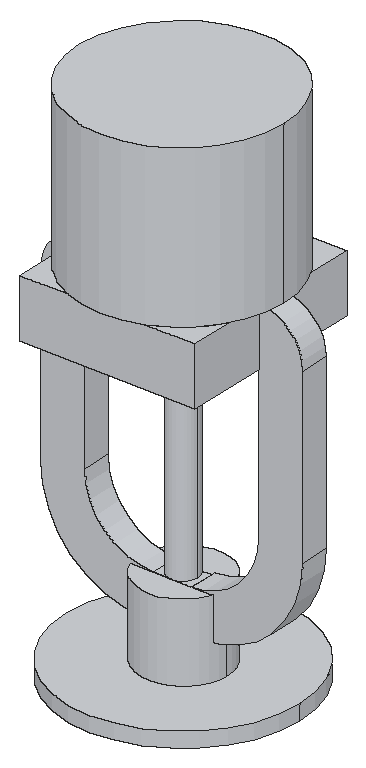
Revit family
Parameters (values of type "RASCO F1FR56 PENDENT")
  Temperature Rating = 135 °F
  Response = 1
  RASCO SIN # = "RA1414"
  RASCO Part # = "F1FR56P0B"
  Pressure Rating = "175 PSI"
  Pressure Class = (empty or 0)
  Orifice Size = 1/2"
  Orifice = (empty or 0)
  Model = "F1FR56"
  Manufacturer = "RASCO"
  K-Factor = 5.6
  Description = "BRZ. FINISH"
  Coverage = (empty or 0)
Reference planes (in)
  plane 1 "Center (Front/Back)": y = 0
  plane 2: z = 0
  plane 3 "Center (Left/Right)": x = 0
Dimensions and locks (in)
  aligned and locked: plane 2 to level
Nested families (in)
  nested 1: "F1FR56P0B" at (-0.0113, 0, 2.4375) x (-1, 0, 0) z (0, 0, -1), type "RASCO F1FR56 PENDENT"
Connectors (in)
  piping at (-0.0113, 0, 2.4375)
    settings: on nested 1, index 1, connector radius 115/256", flow factor 0, pipe flow 0 GPM, pressure drop 0.00 psi, fitting loss kfactor 0, connector angle 0.00°, fixture units 0, flow configuration 0, flow direction 0, fitting loss method 0, system type 7, connector reference index -1, connector utility 0, adjustable connector no, is connector primary yes, fitting loss table "", connector description ""
Definition of nested family "F1FR56P0B"
  Parameters (values of type "RASCO F1FR56 PENDENT")
    Type Comments = ""
    Temperature Rating = 0 °F
    Response = (empty or 0)
    Pressure Rating = "0"
    Pressure Class = (empty or 0)
    Orifice Size = 0"
    Orifice = (empty or 0)
    Model = ""
    Manufacturer = ""
    K-Factor = 0
    Description = ""
    Coverage = (empty or 0)
    Assembly Code = ""
  Reference planes (in)
    plane 1 "Center (Front/Back)": y = 0
    plane 2: z = 0
    plane 3 "ref.2": z = 0.6875
    plane 4 "ref.3": z = 0.9375
    plane 5: x = -0.38065
    plane 6: x = 0.36935
    plane 7 "ref. side 1": y = 0.06402
    plane 8 "ref. side 2": y = -0.06098
    plane 9 "ref.4": z = 1.875
    plane 10 "ref.5": z = 2.3125
    plane 11 "ref.6": z = 2.4375
  Forms (in)
    Extrusion 1, solid
      sketch origin (0, 0, 0) x (1, 0, 0) y (0, 1, 0)
        loop
          circle (0, 0) r 0.4379
      from 0 to 0.6875
    Extrusion 2, solid
      sketch origin (-0.12185, 0.05177, 0.6875) x (1, 0, 0) y (0, 1, 0)
        loop
          line (-0.2588, 0.356) -> (-0.2588, -0.4565) -> (0.4912, -0.4565) -> (0.4912, 0.356) -> (-0.2588, 0.356)
      from 0 to 0.25
    Extrusion 3, solid
      sketch origin (0, 0, 0) x (1, 0, 0) y (0, 0, 1)
        loop
          line (-0.38065, 0.68754) -> (-0.38065, 1.58397)
          arc (-0.38065, 1.58397) -> (-0.29541, 1.78976) -> (-0.08962, 1.875) r 0.29103
          line (-0.08962, 1.875) -> (0.07524, 1.875)
          arc (0.07524, 1.875) -> (0.28321, 1.78886) -> (0.36935, 1.58089) r 0.29411
          line (0.36935, 1.58089) -> (0.36935, 0.68751)
          arc (0.36935, 0.68751) -> (0.50207, 0.74393) -> (0.55685, 0.87734) r 0.18984
          line (0.55685, 0.87734) -> (0.55685, 1.61676)
          arc (0.55685, 1.61676) -> (0.42629, 1.93194) -> (0.11111, 2.0625) r 0.44574
          line (0.11111, 2.0625) -> (-0.12259, 2.0625)
          arc (-0.12259, 2.0625) -> (-0.43765, 1.932) -> (-0.56815, 1.61694) r 0.44556
          line (-0.56815, 1.61694) -> (-0.56815, 0.87876)
          arc (-0.56815, 0.87876) -> (-0.51345, 0.74486) -> (-0.38065, 0.68754) r 0.19126
      from -0.06402 to 0.06098
    Extrusion 4, solid
      sketch origin (0, 0, 0.9375) x (-1, 0, 0) y (0, -1, 0)
        loop
          circle (0.00574, -0.00152) r 0.0625
      from 0 to 0.9375
    Extrusion 5, solid
      sketch origin (0, 0, 1.875) x (-1, 0, 0) y (0, -1, 0)
        loop
          circle (0.00574, -0.00152) r 0.1875
      from 0 to 0.4375
    Extrusion 6, solid
      sketch origin (0, 0, 2.3125) x (0, -1, 0) y (1, 0, 0)
        loop
          circle (-0.00152, -0.00574) r 0.5
      from -0.10531 to -0.03987
  Cuts and joins
    joined: Extrusion 1, Extrusion 2, Extrusion 4
  Lines and regions (in)
    model lines
      curve 1: line (-0.00574, 0.06402, 1.875) -> (-0.00574, -0.06098, 1.875)
